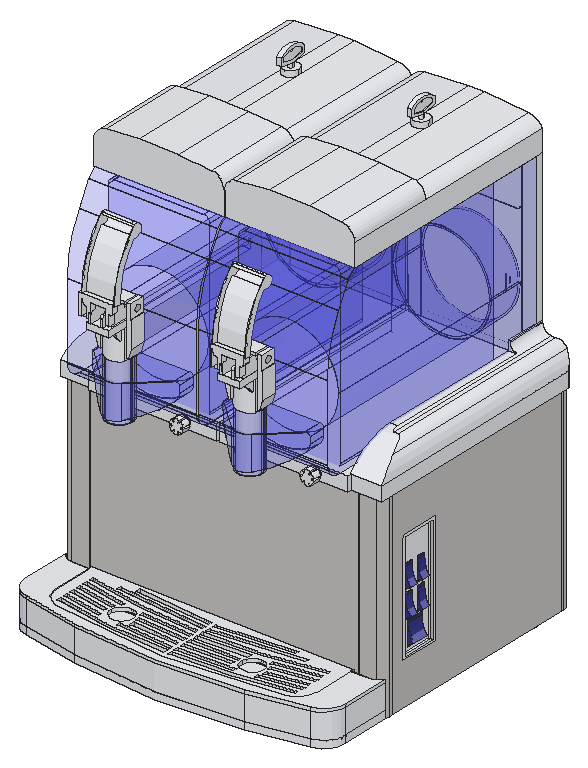
Revit family "QF_ELECTROLUXPROFESSIONAL_560106_SP2NewLUK", category Specialty Equipment, Revit 2018 (continued)
Lines and regions (mm)
  symbolic lines
    curve 11: arc (-117.634, -221.255, 14) -> (0, -230, 14) -> (117.634, -221.255, 14) r 795.559
    curve 12: line (2.783, -161.117, 14) -> (2.783, -167.117, 14)
    curve 13: line (2.783, -172.117, 14) -> (2.783, -178.117, 14)
    curve 14: line (2.783, -183.117, 14) -> (2.783, -189.117, 14)
    curve 15: line (2.783, -194.117, 14) -> (2.783, -200.117, 14)
    curve 16: line (2.783, -205.117, 14) -> (2.783, -211.117, 14)
    curve 17: arc (2.783, -211.117, 14) -> (35.925, -210.286, 14) -> (69, -208.033, 14) r 772.106
    curve 18: arc (164.485, -187.256, 14) -> (137.825, -192.623, 14) -> (110.991, -197.04, 14) r 766.106
    curve 19: arc (2.783, -200.117, 14) -> (35.926, -199.274, 14) -> (69, -196.988, 14) r 761.106
    curve 20: arc (69, -190.963, 14) -> (35.926, -193.267, 14) -> (2.783, -194.117, 14) r 755.106
    curve 21: arc (2.783, -189.117, 14) -> (35.228, -188.295, 14) -> (67.608, -186.069, 14) r 750.106
    curve 22: arc (62.063, -180.53, 14) -> (32.449, -182.414, 14) -> (2.783, -183.117, 14) r 744.106
    curve 23: arc (2.783, -178.117, 14) -> (30.123, -177.508, 14) -> (57.422, -175.888, 14) r 739.106
    curve 24: arc (51.822, -170.288, 14) -> (27.318, -171.613, 14) -> (2.783, -172.117, 14) r 733.106
    curve 25: arc (2.783, -167.117, 14) -> (24.968, -166.694, 14) -> (47.129, -165.595, 14) r 728.106
    curve 26: arc (41.464, -159.931, 14) -> (22.132, -160.783, 14) -> (2.783, -161.117, 14) r 722.106
    curve 27: arc (2.783, -156.117, 14) -> (19.755, -155.85, 14) -> (36.715, -155.182, 14) r 717.106
    curve 28: line (164.485, -193.398, 14) -> (164.485, -187.256, 14)
    curve 29: line (164.485, -182.136, 14) -> (164.485, -175.99, 14)
    curve 30: line (164.485, -170.866, 14) -> (164.485, -164.715, 14)
    curve 31: line (164.485, -159.587, 14) -> (164.485, -153.432, 14)
    curve 32: arc (164.485, -153.432, 14) -> (152.163, -156.157, 14) -> (139.797, -158.67, 14) r 733.106
    curve 33: arc (164.485, -164.715, 14) -> (145.534, -168.752, 14) -> (126.484, -172.294, 14) r 744.106
    curve 34: arc (164.485, -175.99, 14) -> (138.736, -181.268, 14) -> (112.82, -185.647, 14) r 755.106
    curve 35: arc (132.277, -166.189, 14) -> (148.418, -163.067, 14) -> (164.485, -159.587, 14) r 739.106
    curve 36: arc (118.814, -179.653, 14) -> (141.717, -175.613, 14) -> (164.485, -170.866, 14) r 750.106
    curve 37: arc (111, -191.985, 14) -> (137.83, -187.538, 14) -> (164.485, -182.136, 14) r 761.106
    curve 38: arc (69, -202.009, 14) -> (35.925, -204.28, 14) -> (2.783, -205.117, 14) r 766.106
    curve 39: arc (111.004, -203.101, 14) -> (137.83, -198.721, 14) -> (164.485, -193.398, 14) r 772.106
    curve 40: line (97.267, -160.486, 14) -> (97.267, -153, 14)
    curve 41: line (82.733, -160.486, 14) -> (82.733, -153, 14)
    curve 42: arc (105.17, -170.997, 14) -> (90.017, -158.677, 14) -> (74.837, -170.964, 14) r 15.5
    curve 43: line (-7, -121.793, 14) -> (9.534, -121.793, 14)
    curve 44: line (-7, -137.647, 14) -> (9.534, -137.647, 14)
    curve 45: line (2.783, -161.117, 14) -> (2.783, -113, 14)
    curve 46: line (-180.657, -118, 14) -> (-180.657, -174.118, 14)
    curve 47: arc (-180.657, -174.118, 14) -> (-173.912, -193.071, 14) -> (-156.71, -203.501, 14) r 30
    curve 48: line (-2.783, -161.117, 14) -> (-2.783, -167.117, 14)
    curve 49: line (-2.783, -172.117, 14) -> (-2.783, -178.117, 14)
    curve 50: line (-2.783, -183.117, 14) -> (-2.783, -189.117, 14)
    curve 51: line (-2.783, -194.117, 14) -> (-2.783, -200.117, 14)
    curve 52: line (-2.783, -205.117, 14) -> (-2.783, -211.117, 14)
    curve 53: arc (-2.783, -211.117, 14) -> (-35.925, -210.286, 14) -> (-69, -208.033, 14) r 772.106
    curve 54: arc (-164.485, -187.256, 14) -> (-137.825, -192.623, 14) -> (-110.991, -197.04, 14) r 766.106
    curve 55: arc (-2.783, -200.117, 14) -> (-35.926, -199.274, 14) -> (-69, -196.988, 14) r 761.106
    curve 56: arc (-69, -190.963, 14) -> (-35.926, -193.267, 14) -> (-2.783, -194.117, 14) r 755.106
    curve 57: arc (-2.783, -189.117, 14) -> (-35.307, -188.291, 14) -> (-67.764, -186.055, 14) r 750.106
    curve 58: arc (-62.01, -180.534, 14) -> (-32.422, -182.416, 14) -> (-2.783, -183.117, 14) r 744.106
    curve 59: arc (-2.783, -178.117, 14) -> (-30.21, -177.505, 14) -> (-57.595, -175.875, 14) r 739.106
    curve 60: arc (-51.822, -170.288, 14) -> (-27.318, -171.613, 14) -> (-2.783, -172.117, 14) r 733.106
    curve 61: arc (-2.783, -167.117, 14) -> (-24.922, -166.696, 14) -> (-47.037, -165.601, 14) r 728.106
    curve 62: arc (-41.44, -159.932, 14) -> (-22.12, -160.783, 14) -> (-2.783, -161.117, 14) r 722.106
    curve 63: arc (-2.783, -156.117, 14) -> (-19.759, -155.85, 14) -> (-36.723, -155.181, 14) r 717.106
    curve 64: line (-164.485, -193.398, 14) -> (-164.485, -187.256, 14)
    curve 65: line (-164.485, -182.136, 14) -> (-164.485, -175.99, 14)
    curve 66: line (-164.485, -170.866, 14) -> (-164.485, -164.715, 14)
    curve 67: line (-164.485, -159.587, 14) -> (-164.485, -153.432, 14)
    curve 68: arc (-164.485, -153.432, 14) -> (-152.209, -156.147, 14) -> (-139.888, -158.652, 14) r 733.106
    curve 69: arc (-164.485, -164.715, 14) -> (-145.359, -168.786, 14) -> (-126.134, -172.354, 14) r 744.106
    curve 70: arc (-164.485, -175.99, 14) -> (-138.838, -181.249, 14) -> (-113.024, -185.616, 14) r 755.106
    curve 71: arc (-132.258, -166.193, 14) -> (-148.408, -163.069, 14) -> (-164.485, -159.587, 14) r 739.106
    curve 72: arc (-118.936, -179.633, 14) -> (-141.778, -175.602, 14) -> (-164.485, -170.866, 14) r 750.106
    curve 73: arc (-111.098, -191.97, 14) -> (-137.879, -187.529, 14) -> (-164.485, -182.136, 14) r 761.106
    curve 74: arc (-69, -202.009, 14) -> (-35.925, -204.28, 14) -> (-2.783, -205.117, 14) r 766.106
    curve 75: arc (-111.004, -203.101, 14) -> (-137.83, -198.721, 14) -> (-164.485, -193.398, 14) r 772.106
    curve 76: line (-97.267, -160.486, 14) -> (-97.267, -153, 14)
    curve 77: line (-82.733, -160.486, 14) -> (-82.733, -153, 14)
    curve 78: arc (-105.172, -171.007, 14) -> (-90.045, -158.677, 14) -> (-74.846, -170.919, 14) r 15.5
    curve 79: line (-2.783, -161.117, 14) -> (-2.783, -113, 14)
    curve 80: arc (73.294, -216.009, 14) -> (0.004, -219.475, 14) -> (-73.287, -216.01, 14) r 776.665
    curve 81: arc (-111.031, -211.498, 14) -> (-133.93, -207.84, 14) -> (-156.71, -203.501, 14) r 776.665
Dimensions and locks
  plane 4 "FEET" to level = 14 mm
  plane 6 "LEFT" to plane 3 "Center (Left/Right)" to plane 7 "RIGHT" = 223.5 mm, 223.5 mm
  locked: plane 6 "LEFT" to plane 7 "RIGHT" at 447
  plane 7 "RIGHT" to plane 6 "LEFT" = 447 mm
  plane 5 "BACK" to plane 12 "FRONT" = 442 mm
  aligned and locked: level to plane 2 "BASE"
Nested families
  nested 1: "SP2_Vasca_L" at (-89.477, 0, 0), type "SP2_Vasca_L"
  nested 2: "SP2_Vasca_R" at (90.523, 0, 0), type "SP2_Vasca_R"
Connectors
  electrical at (-176.5, -31, 4)
    settings: on Extrusion 9, index 1, voltage 0 V, apparent load 0 VA, apparent load phase1 0 VA, apparent load phase2 0 VA, apparent load phase3 0 VA, power factor 1, load classification "Other", number of poles 1, system type 30, power factor state 1, is connector primary yes, connector utility no, sub classification motor no, connector description "Electrical connection"
  electrical at (-176.5, -31, 4)
    settings: on Extrusion 9, index 2, voltage 0 V, apparent load 0 VA, apparent load phase1 0 VA, apparent load phase2 0 VA, apparent load phase3 0 VA, power factor 1, load classification "Other", number of poles 1, system type 30, power factor state 1, is connector primary no, connector utility no, sub classification motor no, connector description ""
Definition of nested family "SP2_Vasca_L"
  Parameters (values of type "SP2_Vasca_L")
    Weight = 28.00 kg
    Watts = 32.5161 W
    Volts = 230 V
    URL Manufacturer = "http://professional.electrolux.com"
    URL = "http://professional.electrolux.com"
    Steam Supply Size = 0 mm
    Steam Supply Minimum Pressure = 0.0 Pa
    Steam Supply Maximum Pressure = 0.0 Pa
    Steam Pounds per Hour = 0
    Refrigeration Suction Line Size = 0 mm
    Refrigeration Liquid Line Size = 0 mm
    Refrigerant Compressor Remote = yes
    Phase = 1
    Model = "SP1ITNK"
    Manufacturer = "Electrolux"
    Length Actual = 262 mm  # constant formula
    Item Number = "560011"
    Hot Water Size = 0 mm
    Height Actual = 612 mm  # constant formula
    HP = "0.5 HP"
    Gas Size = 0 mm
    Gas KW = 0
    Gas Input Pressure = 0 W
    Description = "1X5 LT BOWL - FROZEN GRANITA AND FROZEN CREAM DISPENSER - 1 INSULATED BOWL - WHITE"
    Depth Actual = 427 mm  # constant formula
    Cycle = 50 Hz
    Condensate Return Size = 0 mm
    Compressed Air Volume = 0.0 L/s
    Compressed Air Size = 0 mm
    Compressed Air Pressure = 0.0 Pa
    Cold Water Size = 0 mm
    Accessory = yes
  Reference planes
    plane 1 "Center (Front/Back)": y = 0
    plane 2 "BASE": z = 0
    plane 3 "Center (Left/Right)": x = 0
    plane 4 "FEET": z = 14
    plane 5 "BACK": y = 212
    plane 6 "LEFT": x = -134.023
    plane 7 "RIGHT": x = 134
    plane 8: y = 169
    plane 9: y = -118.5
    plane 10 "Erogatore": through (0, -232.305, 334.252) normal (0, -0.5736, 0.8192)
    plane 11: y = -81
    plane 12 "BackButton": z = 362.798
    plane 13 "SlopeBack": through (0, 294.5, 470.764) normal (0, 0.9659, 0.2588)
    plane 14 "TOP": z = 640
    plane 15 "FRONT": y = -216
  Forms (mm)
    Extrusion 1, solid
      sketch origin (0, 212, 0) x (-1, 0, 0) y (0, 0, 1)
        loop
          circle (0, 394.542) r 65
        loop
          circle (0, 394.542) r 68
      from -59.276 to -10
    Extrusion 2, solid
      sketch origin (0.189, -212, -123.048) x (-1, 0, 0) y (0, 0, 1)
        loop
          line (41.631, 426.74) -> (42.799, 423.85)
          arc (42.799, 423.85) -> (41.998, 423.46) -> (41.26, 422.962) r 6.382
          line (41.26, 422.962) -> (39.342, 425.418)
          arc (39.342, 425.418) -> (36.964, 422.682) -> (35.784, 419.255) r 9.498
          line (35.784, 419.255) -> (38.87, 418.821)
          arc (38.87, 418.821) -> (38.808, 417.933) -> (38.87, 417.045) r 6.382
          line (38.87, 417.045) -> (35.784, 416.611)
          arc (35.784, 416.611) -> (36.964, 413.184) -> (39.342, 410.449) r 9.498
          line (39.342, 410.449) -> (41.26, 412.904)
          arc (41.26, 412.904) -> (41.998, 412.406) -> (42.799, 412.016) r 6.382
          line (42.799, 412.016) -> (41.631, 409.127)
          arc (41.631, 409.127) -> (45.189, 408.435) -> (48.747, 409.127) r 9.498
          line (48.747, 409.127) -> (47.58, 412.016)
          arc (47.58, 412.016) -> (48.38, 412.406) -> (49.118, 412.904) r 6.382
          line (49.118, 412.904) -> (51.037, 410.449)
          arc (51.037, 410.449) -> (53.415, 413.184) -> (54.595, 416.611) r 9.498
          line (54.595, 416.611) -> (51.509, 417.045)
          arc (51.509, 417.045) -> (51.571, 417.933) -> (51.509, 418.821) r 6.382
          line (51.509, 418.821) -> (54.595, 419.255)
          arc (54.595, 419.255) -> (53.415, 422.682) -> (51.037, 425.418) r 9.498
          line (51.037, 425.418) -> (49.118, 422.962)
          arc (49.118, 422.962) -> (48.38, 423.46) -> (47.58, 423.85) r 6.382
          line (47.58, 423.85) -> (48.747, 426.74)
          arc (48.747, 426.74) -> (45.189, 427.431) -> (41.631, 426.74) r 9.498
      from 74.796 to 85.6
    Extrusion 3, solid
      sketch origin (0, 48.357, 801) x (-1, 0, 0) y (0, -1, 0)
        loop
          circle (0, 226.958) r 15.5
      from -371.98 to -493
    Extrusion 4, solid
      sketch origin (0, 48.357, 801) x (-1, 0, 0) y (0, -1, 0)
        loop
          circle (0, 226.958) r 18
        loop
          circle (0, 226.958) r 16
      from -413.102 to -493
    Extrusion 5, solid
      sketch origin (0, 48.357, 801) x (-1, 0, 0) y (0, -1, 0)
        loop
          arc (-15.227, 216.452) -> (0, 208.458) -> (15.227, 216.452) r 18.5
          line (15.227, 216.452) -> (15.227, 237.464)
          arc (15.227, 237.464) -> (0, 245.458) -> (-15.227, 237.464) r 18.5
          line (-15.227, 237.464) -> (-15.227, 216.452)
      from -371.98 to -413.102
    Extrusion 6, solid
      sketch origin (0, 55.382, 805.556) x (-1, 0, 0) y (0, -1, 0)
        loop
          line (15.227, 271.382) -> (-15.227, 271.382) -> (-15.227, 213.658) -> (15.227, 213.658) -> (15.227, 271.382)
      from -368.017 to -376.536
    Extrusion 7, solid
      sketch origin (0, 53.382, -125.444) x (0, 1, 0) y (0, 0, 1)
        loop
          line (-261.382, 594.51) -> (-261.382, 596.294)
          arc (-261.382, 596.294) -> (-255.05, 633.384) -> (-236.771, 666.272) r 111.793
          arc (-236.771, 666.272) -> (-224.219, 671.737) -> (-234.339, 680.956) r 8.155
          arc (-234.339, 680.956) -> (-260.275, 642.108) -> (-269.382, 596.294) r 119.793
          line (-269.382, 596.294) -> (-269.382, 594.51) -> (-261.382, 594.51)
      from 23.02 to -23.02
    Extrusion 8, void
      sketch origin (0, -212, -130.102) x (-1, 0, 0) y (0, 0, 1)
        loop
          line (-23.02, 594.51) -> (-23.02, 567.641) -> (-15.227, 567.641) -> (-15.227, 586.659)
          arc (-15.227, 586.659) -> (-20.449, 589.269) -> (-23.02, 594.51) r 9.122
        loop
          arc (23.02, 594.51) -> (20.449, 589.269) -> (15.227, 586.659) r 9.122
          line (15.227, 586.659) -> (15.227, 567.641) -> (23.02, 567.641) -> (23.02, 594.51)
        loop
          line (-10.018, 592.641) -> (-10.018, 567.641) -> (9.982, 567.641) -> (9.982, 592.641) -> (-10.018, 592.641)
      from 4 to -4
    Extrusion 9, void
      sketch origin (0, 53.382, -125.444) x (0, 1, 0) y (0, 0, 1)
        loop
          arc (-238.506, 676.569) -> (-261.397, 639.298) -> (-269.382, 596.294) r 119.793
          line (-269.382, 596.294) -> (-262.382, 596.294)
          arc (-262.382, 596.294) -> (-255.831, 634.173) -> (-236.94, 667.653) r 112.793
          arc (-236.94, 667.653) -> (-225.218, 674.307) -> (-238.506, 676.569) r 7.155
      from 22 to -22
    Extrusion 10, solid
      sketch origin (-134.023, 53.382, -125.444) x (0, 1, 0) y (0, 0, 1)
        loop
          line (-261.382, 596.294) -> (-269.382, 596.294) -> (-269.382, 567.641) -> (-261.382, 567.641) -> (-261.382, 596.294)
      from 154.02 to 107.98
    Extrusion 11, solid
      sketch origin (-134.023, 55.382, -130.102) x (0, 1, 0) y (0, 0, 1)
        loop
          line (-263.382, 567.641) -> (-223.382, 567.641) -> (-223.382, 587.641) -> (-256.513, 587.641)
          arc (-256.513, 587.641) -> (-261.37, 589.653) -> (-263.382, 594.51) r 6.869
          line (-263.382, 594.51) -> (-263.382, 567.641)
      from 115.773 to 107.98
    Extrusion 12, solid
      sketch origin (-134.023, 55.382, -130.102) x (0, 1, 0) y (0, 0, 1)
        loop
          line (-263.382, 567.641) -> (-224.483, 567.641) -> (-224.483, 587.641) -> (-256.513, 587.641)
          arc (-256.513, 587.641) -> (-261.37, 589.653) -> (-263.382, 594.51) r 6.869
          line (-263.382, 594.51) -> (-263.382, 567.641)
      from 115.773 to 121.018
    Extrusion 13, solid
      sketch origin (-134.023, 55.382, -125.444) x (0, 1, 0) y (0, 0, 1)
        loop
          line (-248.575, 539.464) -> (-246.902, 539.464) -> (-246.902, 554.464) -> (-261.615, 554.464) -> (-248.575, 539.464)
      from 115.773 to 118.85
    Extrusion 14, solid
      sketch origin (-134.023, 55.382, -125.444) x (0, 1, 0) y (0, 0, 1)
        loop
          line (-246.902, 554.464) -> (-261.615, 554.464) -> (-248.575, 539.464) -> (-246.902, 539.464) -> (-246.902, 554.464)
      from 143.221 to 146.227
    Extrusion 15, solid
      sketch origin (-134.023, 55.382, -125.444) x (0, 1, 0) y (0, 0, 1)
        loop
          line (-263.382, 562.983) -> (-224.483, 562.983) -> (-224.483, 582.983) -> (-256.513, 582.983)
          arc (-256.513, 582.983) -> (-261.37, 584.995) -> (-263.382, 589.852) r 6.869
          line (-263.382, 589.852) -> (-263.382, 562.983)
      from 141.018 to 146.227
    Extrusion 16, solid
      sketch origin (-134.023, 53.382, -130.102) x (0, 1, 0) y (0, 0, 1)
        loop
          line (-269.382, 567.641) -> (-221.382, 567.641) -> (-221.382, 586.659) -> (-258.382, 586.659)
          arc (-258.382, 586.659) -> (-260.503, 585.78) -> (-261.382, 583.659) r 3
          line (-261.382, 583.659) -> (-261.382, 582.15) -> (-266.382, 582.15)
          arc (-266.382, 582.15) -> (-268.503, 581.271) -> (-269.382, 579.15) r 3
          line (-269.382, 579.15) -> (-269.382, 567.641)
      from 124.546 to 121.018
    Extrusion 17, solid
      sketch origin (-134.023, 65.803, -125.444) x (0, 1, 0) y (0, 0, 1)
        loop
          line (-281.803, 562.983) -> (-234.904, 562.983) -> (-234.904, 582.001) -> (-270.803, 582.001)
          arc (-270.803, 582.001) -> (-272.924, 581.122) -> (-273.803, 579.001) r 3
          line (-273.803, 579.001) -> (-273.803, 577.492) -> (-278.803, 577.492)
          arc (-278.803, 577.492) -> (-280.924, 576.613) -> (-281.803, 574.492) r 3
          line (-281.803, 574.492) -> (-281.803, 562.983)
      from 137.49 to 141.018
    Extrusion 18, solid
      sketch origin (0, -212, -125.444) x (-1, 0, 0) y (0, 0, 1)
        loop
          line (-18, 517.898) -> (-18, 586.659) -> (-23.482, 586.659) -> (-23.482, 567.641) -> (-24.969, 567.641) -> (-24.969, 530.88) -> (-21, 517.898) -> (-18, 517.898)
        loop
          line (18, 517.898) -> (21, 517.898) -> (24.969, 530.88) -> (24.969, 567.641) -> (23.482, 567.641) -> (23.482, 586.659) -> (18, 586.659) -> (18, 517.898)
      from 43.905 to 22.893
    Extrusion 19, solid
      sketch origin (0, 65.803, 805.556) x (-1, 0, 0) y (0, -1, 0)
        loop
          line (-15.227, 254.91) -> (-15.227, 233.898) -> (15.227, 233.898) -> (15.227, 254.91) -> (-15.227, 254.91)
      from -344.341 to -348.017
    Extrusion 20, void
      sketch origin (0, 56.778, -130) x (0, 1, 0) y (0, 0, 1)
        loop
          circle (-234.353, 582.005) r 3.978
      from 24.969 to -24.969
    Extrusion 21, solid
      sketch origin (0, 56.226, -130) x (0, 1, 0) y (0, 0, 1)
        loop
          circle (-234.353, 582.005) r 3.978
      from 24 to -24
    Extrusion 22, void
      sketch origin (-27, 240.916, -119) x (0, 0, 1) y (-1, 0, 0)
        loop
          line (496.312, -81.169) -> (519.521, -81.169)
          arc (519.521, -81.169) -> (523.021, -77.669) -> (519.521, -74.169) r 3.5
          line (519.521, -74.169) -> (496.312, -74.169)
          arc (496.312, -74.169) -> (492.812, -77.669) -> (496.312, -81.169) r 3.5
      from 28.916 to 38.079
    Extrusion 23, solid
      sketch origin (-27, 240.916, -119) x (0, 0, 1) y (-1, 0, 0)
        loop
          line (507.945, -79.669) -> (517.521, -79.669) -> (517.521, -75.669) -> (507.945, -75.669) -> (507.945, -79.669)
      from 32.664 to 38.079
    Extrusion 24, void
      sketch origin (0, 0, 0) x (0, 1, 0) y (0, 0, 1)
        loop
          line (157, 351) -> (-115.977, 351) -> (-115.977, 306)
          arc (-115.977, 306) -> (-85.566, 329.6) -> (-48, 338) r 88.201
          line (-48, 338) -> (157, 338) -> (157, 351)
      from -135 to 135
    Extrusion 25, solid
      sketch origin (0, 212, 0) x (-1, 0, 0) y (0, 0, 1)
        loop
          circle (0, 394.542) r 68
        loop
          line (69.972, 309) -> (69.972, 543)
          arc (69.972, 543) -> (67.629, 548.657) -> (61.972, 551) r 8
          line (61.972, 551) -> (-62.028, 551)
          arc (-62.028, 551) -> (-67.685, 548.657) -> (-70.028, 543) r 8
          line (-70.028, 543) -> (-70.028, 308.956)
          arc (-70.028, 308.956) -> (-67.698, 303.33) -> (-62.072, 301) r 7.956
          line (-62.072, 301) -> (61.972, 301)
          arc (61.972, 301) -> (67.629, 303.343) -> (69.972, 309) r 8
      from -59.276 to -322.829
    Extrusion 26, solid
      sketch origin (0, 212, 0) x (-1, 0, 0) y (0, 0, 1)
        loop
          line (90.028, 558.048) -> (90.028, 589.456)
          arc (90.028, 589.456) -> (84.981, 602.738) -> (72.387, 609.316) r 20
          arc (72.387, 609.316) -> (49.793, 611.577) -> (27.131, 613) r 613.713
          line (27.131, 613) -> (-27.131, 613)
          arc (-27.131, 613) -> (-49.793, 611.577) -> (-72.387, 609.316) r 613.713
          arc (-72.387, 609.316) -> (-84.981, 602.738) -> (-90.028, 589.456) r 20
          line (-90.028, 589.456) -> (-90.028, 558.048) -> (90.028, 558.048)
      from 0 to -322.829
    Extrusion 27, solid
      sketch origin (0, -212, 0) x (-1, 0, 0) y (0, 0, 1)
        loop
          line (88, 306) -> (-88, 306) -> (-88, 286) -> (88, 286) -> (88, 306)
      from 90.501 to 414
    Extrusion 28, solid
      sketch origin (-0.189, -212, -123.048) x (1, 0, 0) y (0, 0, -1)
        loop
          arc (41.631, -426.74) -> (45.189, -427.431) -> (48.747, -426.74) r 9.498
          line (48.747, -426.74) -> (47.58, -423.85)
          arc (47.58, -423.85) -> (48.38, -423.46) -> (49.118, -422.962) r 6.382
          line (49.118, -422.962) -> (51.037, -425.418)
          arc (51.037, -425.418) -> (53.415, -422.682) -> (54.595, -419.255) r 9.498
          line (54.595, -419.255) -> (51.509, -418.821)
          arc (51.509, -418.821) -> (51.571, -417.933) -> (51.509, -417.045) r 6.382
          line (51.509, -417.045) -> (54.595, -416.611)
          arc (54.595, -416.611) -> (53.415, -413.184) -> (51.037, -410.449) r 9.498
          line (51.037, -410.449) -> (49.118, -412.904)
          arc (49.118, -412.904) -> (48.38, -412.406) -> (47.58, -412.016) r 6.382
          line (47.58, -412.016) -> (48.747, -409.127)
          arc (48.747, -409.127) -> (45.189, -408.435) -> (41.631, -409.127) r 9.498
          line (41.631, -409.127) -> (42.799, -412.016)
          arc (42.799, -412.016) -> (41.998, -412.406) -> (41.26, -412.904) r 6.382
          line (41.26, -412.904) -> (39.342, -410.449)
          arc (39.342, -410.449) -> (36.964, -413.184) -> (35.784, -416.611) r 9.498
          line (35.784, -416.611) -> (38.87, -417.045)
          arc (38.87, -417.045) -> (38.808, -417.933) -> (38.87, -418.821) r 6.382
          line (38.87, -418.821) -> (35.784, -419.255)
          arc (35.784, -419.255) -> (36.964, -422.682) -> (39.342, -425.418) r 9.498
          line (39.342, -425.418) -> (41.26, -422.962)
          arc (41.26, -422.962) -> (41.998, -423.46) -> (42.799, -423.85) r 6.382
          line (42.799, -423.85) -> (41.631, -426.74)
      from 74.796 to 85.6
    Extrusion 29, solid
      sketch origin (-134.023, 55.382, -125.444) x (0, 1, 0) y (0, 0, 1)
        loop
          line (-261.615, 554.464) -> (-248.575, 539.464) -> (-246.902, 539.464) -> (-246.902, 554.464) -> (-261.615, 554.464)
      from 143.221 to 146.227
    Extrusion 30, void
      sketch origin (0, 0, 14) x (-1, 0, 0) y (0, -1, 0)
        loop
          line (68.799, 141.983) -> (68.799, 216) -> (-68.799, 216) -> (-68.799, 141.983) -> (-14.053, 193.527)
          arc (-14.053, 193.527) -> (0, 199.101) -> (14.053, 193.527) r 20.5
          line (14.053, 193.527) -> (68.799, 141.983)
      from 285.914 to 353.792
    Extrusion 31, solid
      sketch origin (0, -212, 0) x (-1, 0, 0) y (0, 0, 1)
        loop
          line (55, 361.368) -> (-55, 361.368)
          arc (-55, 361.368) -> (-58.536, 359.903) -> (-60, 356.368) r 5
          line (-60, 356.368) -> (-60, 346.588)
          arc (-60, 346.588) -> (-58.765, 340.628) -> (-55.264, 335.649) r 15
          arc (-55.264, 335.649) -> (0, 313.78) -> (55.264, 335.649) r 80.762
          arc (55.264, 335.649) -> (58.765, 340.628) -> (60, 346.588) r 15
          line (60, 346.588) -> (60, 356.368)
          arc (60, 356.368) -> (58.536, 359.903) -> (55, 361.368) r 5
      from 85.6 to 6.421
    Extrusion 32, solid
      sketch origin (0.031, 16.704, -263) x (0, 1, 0) y (0, 0, 1)
        loop
          line (99.092, 881.377) -> (118.655, 885.535) -> (118.655, 895.535)
          arc (118.655, 895.535) -> (99.092, 903) -> (79.529, 895.535) r 29.367
          line (79.529, 895.535) -> (79.529, 885.535) -> (99.092, 881.377)
        loop
          arc (115.655, 894.149) -> (99.092, 900) -> (82.529, 894.149) r 26.367
          line (82.529, 894.149) -> (82.529, 887.965) -> (99.092, 884.444) -> (115.655, 887.965) -> (115.655, 894.149)
      from -3 to 3
    Extrusion 33, solid
      sketch origin (0.031, 16.704, -263) x (0, 1, 0) y (0, 0, 1)
        loop
          line (115.655, 887.965) -> (115.655, 894.149)
          arc (115.655, 894.149) -> (99.092, 900) -> (82.529, 894.149) r 26.367
          line (82.529, 894.149) -> (82.529, 887.965) -> (99.092, 884.444) -> (115.655, 887.965)
        loop
          circle (99.092, 896.274) r 2.509
      from 1 to -1
    Extrusion 34, solid
      sketch origin (0.031, 16.704, 667) x (-1, 0, 0) y (0, -1, 0)
        loop
          circle (0, -99.092) r 3
      from -45.737 to -54
    Extrusion 35, solid
      sketch origin (0, -70, 0) x (1, 0, 0) y (0, 1, 0)
        loop
          circle (0.031, 185.796) r 11
      from 606 to 613
    Extrusion 36, solid
      sketch origin (0, 0, 0) x (0, 1, 0) y (0, 0, 1)
        loop
          arc (-158.276, 334.912) -> (-152.418, 320.769) -> (-138.276, 314.912) r 20
          line (-138.276, 314.912) -> (202, 314.912) -> (202, 558.048) -> (-103.948, 558.048)
          arc (-103.948, 558.048) -> (-114.098, 555.281) -> (-121.44, 547.744) r 20
          line (-121.44, 547.744) -> (-138.215, 517.481)
          arc (-138.215, 517.481) -> (-153.18, 479.972) -> (-158.276, 439.912) r 160
          line (-158.276, 439.912) -> (-158.276, 334.912)
      from -88 to 90.028
    Extrusion 37, void
      sketch origin (0, 212, 0) x (-1, 0, 0) y (0, 0, 1)
        loop
          line (90.028, 588.856) -> (96.254, 588.856) -> (96.254, 613.856) -> (-100.028, 613.856) -> (-100.028, 588.856) -> (-90.028, 588.856)
          arc (-90.028, 588.856) -> (-82.37, 597.635) -> (-71.481, 601.774) r 24
          arc (-71.481, 601.774) -> (-41.299, 604.942) -> (-10.969, 606) r 435.39
          line (-10.969, 606) -> (10.969, 606)
          arc (10.969, 606) -> (41.299, 604.942) -> (71.481, 601.774) r 435.39
          arc (71.481, 601.774) -> (82.37, 597.635) -> (90.028, 588.856) r 24
      from 0 to -201.493
    Extrusion 38, solid
      sketch origin (0, 212, 0) x (-1, 0, 0) y (0, 0, 1)
        loop
          line (-90.028, 558.048) -> (-90.028, 286) -> (88, 286) -> (88, 558.048) -> (-90.028, 558.048)
        loop
          arc (61.972, 301) -> (67.629, 303.343) -> (69.972, 309) r 8
          line (69.972, 309) -> (69.972, 543)
          arc (69.972, 543) -> (67.629, 548.657) -> (61.972, 551) r 8
          line (61.972, 551) -> (-62.028, 551)
          arc (-62.028, 551) -> (-67.685, 548.657) -> (-70.028, 543) r 8
          line (-70.028, 543) -> (-70.028, 308.956)
          arc (-70.028, 308.956) -> (-67.698, 303.33) -> (-62.072, 301) r 7.956
          line (-62.072, 301) -> (61.972, 301)
      from 0 to -10
    Extrusion 39, solid
      sketch origin (0, 212, 0) x (-1, 0, 0) y (0, 0, 1)
        loop
          arc (-70.028, 308.956) -> (-67.698, 303.33) -> (-62.072, 301) r 7.956
          line (-62.072, 301) -> (61.972, 301)
          arc (61.972, 301) -> (67.629, 303.343) -> (69.972, 309) r 8
          line (69.972, 309) -> (69.972, 493.849)
          arc (69.972, 493.849) -> (67.629, 488.193) -> (61.972, 485.849) r 8
          line (61.972, 485.849) -> (-62.028, 485.849)
          arc (-62.028, 485.849) -> (-67.685, 488.193) -> (-70.028, 493.849) r 8
          line (-70.028, 493.849) -> (-70.028, 308.956)
      from 0 to -10
    Extrusion 40, solid
      sketch origin (0, 212, 0) x (-1, 0, 0) y (0, 0, 1)
        loop
          line (-70.028, 543) -> (-70.028, 493.849)
          arc (-70.028, 493.849) -> (-67.685, 488.193) -> (-62.028, 485.849) r 8
          line (-62.028, 485.849) -> (61.972, 485.849)
          arc (61.972, 485.849) -> (67.629, 488.193) -> (69.972, 493.849) r 8
          line (69.972, 493.849) -> (69.972, 543)
          arc (69.972, 543) -> (67.629, 548.657) -> (61.972, 551) r 8
          line (61.972, 551) -> (-62.028, 551)
          arc (-62.028, 551) -> (-67.685, 548.657) -> (-70.028, 543) r 8
      from 0 to -10
    Extrusion 41, void
      sketch origin (0, 212, 0) x (-1, 0, 0) y (0, 0, 1)
        loop
          arc (-74.482, 439.575) -> (-77.31, 438.403) -> (-78.482, 435.575) r 4
          line (-78.482, 435.575) -> (-78.482, 426.169)
          arc (-78.482, 426.169) -> (-77.31, 423.34) -> (-74.482, 422.169) r 4
          line (-74.482, 422.169) -> (-42.482, 422.169)
          arc (-42.482, 422.169) -> (-39.653, 423.34) -> (-38.482, 426.169) r 4
          line (-38.482, 426.169) -> (-38.482, 435.575)
          arc (-38.482, 435.575) -> (-39.653, 438.403) -> (-42.482, 439.575) r 4
          line (-42.482, 439.575) -> (-74.482, 439.575)
      from 0 to -2
    Extrusion 42, solid
      sketch origin (0, 212, 0) x (-1, 0, 0) y (0, 0, 1)
        loop
          arc (-74.482, 438.575) -> (-76.603, 437.696) -> (-77.482, 435.575) r 3
          line (-77.482, 435.575) -> (-77.482, 426.169)
          arc (-77.482, 426.169) -> (-76.603, 424.047) -> (-74.482, 423.169) r 3
          line (-74.482, 423.169) -> (-42.482, 423.169)
          arc (-42.482, 423.169) -> (-40.36, 424.047) -> (-39.482, 426.169) r 3
          line (-39.482, 426.169) -> (-39.482, 435.575)
          arc (-39.482, 435.575) -> (-40.36, 437.696) -> (-42.482, 438.575) r 3
          line (-42.482, 438.575) -> (-74.482, 438.575)
      from 0 to -2
    Extrusion 43, void
      sketch origin (0, 212, 0) x (-1, 0, 0) y (0, 0, 1)
        loop
          line (88, 350.533) -> (86, 350.533) -> (86, 286) -> (88, 286) -> (88, 350.533)
      from 0 to -10
    Extrusion 44, solid
      sketch origin (0.189, -212, -123.048) x (-1, 0, 0) y (0, 0, 1)
        loop
          circle (45.189, 417.933) r 6.382
      from 90.501 to 85.6
    Extrusion 45, solid
      sketch origin (-0.189, -212, -123.048) x (1, 0, 0) y (0, 0, -1)
        loop
          circle (45.189, -417.933) r 6.382
      from 85.6 to 90.501
    Extrusion 46, solid
      sketch origin (0, 212, 0) x (1, 0, 0) y (0, 0, -1)
        loop
          line (-88, -286) -> (-131, -286) -> (-131, -306)
          arc (-131, -306) -> (-129.118, -317.88) -> (-123.658, -328.597) r 38.445
          arc (-123.658, -328.597) -> (-117.695, -334.961) -> (-109.296, -337.309) r 16.194
          line (-109.296, -337.309) -> (-102.317, -337.309)
          arc (-102.317, -337.309) -> (-93.627, -340.909) -> (-90.028, -349.598) r 12.289
          line (-90.028, -349.598) -> (-90.028, -351) -> (-88, -351) -> (-88, -286)
      from 0 to -327.977
    Extrusion 47, void
      sketch origin (89.477, 0, 0) x (-1, 0, 0) y (0, -1, 0)
        loop
          line (210.523, -212) -> (223.5, -212) -> (223.5, -199.023)
          arc (223.5, -199.023) -> (219.699, -208.199) -> (210.523, -212) r 12.977
      from 338 to 286
  Cuts and joins
    Extrusion 8 cuts Extrusion 6
    Extrusion 8, Extrusion 9 cuts Extrusion 7
    Extrusion 8 cuts Extrusion 10
    joined: Extrusion 7, Extrusion 10, Extrusion 11
    joined: Extrusion 5, Extrusion 14
    Extrusion 20 cuts Extrusion 12
    Extrusion 20 cuts Extrusion 15
    Extrusion 20 cuts Extrusion 16
    Extrusion 20 cuts Extrusion 17
    Extrusion 20 cuts Extrusion 18
    Extrusion 22 cuts Extrusion 25
    Extrusion 30 cuts Extrusion 31
    Extrusion 22, Extrusion 41, Extrusion 43 cuts Extrusion 38
    Extrusion 22, Extrusion 41 cuts Extrusion 39
    Extrusion 37 cuts Extrusion 26
    Extrusion 24, Extrusion 47 cuts Extrusion 46
  Lines and regions (mm)
    symbolic lines
      curve 1: line (89.477, 212, 14) -> (89.477, 30.512, 14)
      curve 2: arc (89.477, 30.512, 14) -> (83.619, 16.37, 14) -> (69.477, 10.512, 14) r 20
      curve 3: arc (-90.523, 30.512, 14) -> (-84.665, 16.37, 14) -> (-70.523, 10.512, 14) r 20
      curve 4: line (-90.523, 30.512, 14) -> (-90.523, -113, 14)
      curve 5: line (2.977, 135.359, 14) -> (-3.023, 135.359, 14)
      curve 6: line (2.977, 96.233, 14) -> (2.977, 135.359, 14)
      curve 7: line (-3.023, 96.233, 14) -> (2.977, 96.233, 14)
      curve 8: line (-3.023, 135.359, 14) -> (-3.023, 96.233, 14)
      curve 9: arc (2.977, 105.213, 14) -> (10.977, 115.796, 14) -> (2.977, 126.379, 14) r 11
      curve 10: arc (-3.023, 126.379, 14) -> (-11.023, 115.796, 14) -> (-3.023, 105.213, 14) r 11
      curve 11: arc (89.477, -93, 14) -> (82.183, -87.573, 14) -> (73.338, -85.474, 14) r 22.513
      curve 12: arc (-90.523, -93, 14) -> (-83.229, -87.573, 14) -> (-74.384, -85.474, 14) r 22.513
      curve 13: arc (73.338, -85.474, 14) -> (-0.523, -83, 14) -> (-74.384, -85.474, 14) r 1103.745
      curve 14: line (-0.523, -113, 14) -> (-0.523, -171, 14)
      curve 15: line (82.477, -113, 14) -> (82.477, -153, 14)
      curve 16: line (-80.989, -113, 14) -> (-80.989, -153, 14)
      curve 17: line (-80.989, -153, 14) -> (82.477, -153, 14)
      curve 18: line (-50.989, -153, 14) -> (-21.523, -182.466, 14)
      curve 19: line (20.477, -216, 14) -> (-21.523, -216, 14)
      curve 20: line (-21.523, -216, 14) -> (-21.523, -171, 14)
      curve 21: line (-21.523, -171, 14) -> (20.477, -171, 14)
      curve 22: line (-16.523, -216, 14) -> (-16.523, -181, 14)
      curve 23: line (-16.523, -181, 14) -> (14.477, -181, 14)
      curve 24: line (14.477, -196, 14) -> (-16.523, -196, 14)
      curve 25: line (-55.989, -153, 14) -> (-21.523, -187.466, 14)
      curve 26: line (49.943, -153, 14) -> (20.477, -182.466, 14)
      curve 27: line (54.943, -153, 14) -> (20.477, -187.466, 14)
      curve 28: line (20.477, -216, 14) -> (20.477, -171, 14)
      curve 29: line (14.477, -216, 14) -> (14.477, -181, 14)
      curve 30: line (-121.046, 212, 14) -> (89.477, 212, 14)
      curve 31: line (-90.523, 212, 14) -> (-90.523, 30.512, 14)
      curve 32: line (-90.523, -113, 14) -> (89.477, -113, 14)
      curve 33: line (89.477, -113, 14) -> (89.477, 30.512, 14)
      curve 34: line (-70.523, 10.512, 0) -> (69.477, 10.512, 0)
      curve 35: arc (-114.023, -118, 14) -> (-128.165, -112.142, 14) -> (-134.023, -98, 14) r 20
      curve 36: line (-112.023, 212, 14) -> (-112.023, -50, 14)
      curve 37: line (-112.023, -50, 14) -> (-129.023, -50, 14)
      curve 38: line (-129.023, -50, 14) -> (-129.023, 209.259, 14)
      curve 39: arc (-121.046, 212, 14) -> (-130.222, 208.199, 14) -> (-134.023, 199.023, 14) r 12.977
      curve 40: line (-112.023, -50, 14) -> (-112.023, -67.775, 14)
      curve 41: arc (-112.023, -67.775, 14) -> (-113.99, -92.763, 14) -> (-119.841, -117.135, 14) r 159.732
      curve 42: line (-129.023, -50, 14) -> (-134.023, -85.577, 14)
      curve 43: line (-90.523, 157, 14) -> (-105.523, 157, 14)
      curve 44: line (-105.523, 157, 14) -> (-105.523, -88, 14)
      curve 45: arc (-105.523, -88, 14) -> (-104.059, -99.123, 14) -> (-99.765, -109.488, 14) r 42.977
      curve 46: line (-99.765, -109.488, 14) -> (-90.523, -109.488, 14)
      curve 47: line (-134.023, 199.023, 14) -> (-134.023, -98, 14)
      curve 48: line (-80.989, -118, 14) -> (-114.023, -118, 14)
  Dimensions and locks
    plane 4 "FEET" to level = 14 mm
    plane 6 "LEFT" to plane 3 "Center (Left/Right)" to plane 7 "RIGHT" = 134.023 mm, 134 mm
    plane 5 "BACK" to plane 1 "Center (Front/Back)" = 212 mm
    plane 6 "LEFT" to plane 7 "RIGHT" = 268.023 mm
    plane 5 "BACK" to plane 8 = 43 mm
    plane 8 to plane 11 = 250 mm
    plane 14 "TOP" to level = 640 mm
    plane 15 "FRONT" to plane 5 "BACK" = 428 mm
    plane 5 "BACK" to plane 15 "FRONT" = 428 mm
    Extrusion 35 to level = 613 mm
    Extrusion 35 to level = 606 mm
    aligned and locked: level to plane 2 "BASE"
Definition of nested family "SP2_Vasca_R"
  Parameters (values of type "SP2_Vasca_R")
    Weight = 28.00 kg
    Watts = 32.5161 W
    Volts = 230 V
    URL Manufacturer = "http://professional.electrolux.com"
    URL = "http://professional.electrolux.com"
    Steam Supply Size = 0 mm
    Steam Supply Minimum Pressure = 0.0 Pa
    Steam Supply Maximum Pressure = 0.0 Pa
    Steam Pounds per Hour = 0
    Refrigeration Suction Line Size = 0 mm
    Refrigeration Liquid Line Size = 0 mm
    Refrigerant Compressor Remote = yes
    Phase = 1
    Model = "SP1ITNK"
    Manufacturer = "Electrolux"
    Length Actual = 262 mm  # constant formula
    Item Number = "560011"
    Hot Water Size = 0 mm
    Height Actual = 612 mm  # constant formula
    HP = "0.5 HP"
    Gas Size = 0 mm
    Gas KW = 0
    Gas Input Pressure = 0 W
    Description = "1X5 LT BOWL - FROZEN GRANITA AND FROZEN CREAM DISPENSER - 1 INSULATED BOWL - WHITE"
    Depth Actual = 427 mm  # constant formula
    Cycle = 50 Hz
    Condensate Return Size = 0 mm
    Compressed Air Volume = 0.0 L/s
    Compressed Air Size = 0 mm
    Compressed Air Pressure = 0.0 Pa
    Cold Water Size = 0 mm
    Accessory = yes
  Reference planes
    plane 1 "Center (Front/Back)": y = 0
    plane 2 "BASE": z = 0
    plane 3 "Center (Left/Right)": x = 0
    plane 4 "FEET": z = 14
    plane 5 "BACK": y = 212
    plane 6 "LEFT": x = -133
    plane 7 "RIGHT": x = 133
    plane 8: y = 169
    plane 9: y = -118.5
    plane 10 "Erogatore": through (0, -232.305, 334.252) normal (0, -0.5736, 0.8192)
    plane 11: y = -81
    plane 12 "BackButton": z = 362.798
    plane 13 "SlopeBack": through (0, 294.5, 470.764) normal (0, 0.9659, 0.2588)
    plane 14 "TOP": z = 640
    plane 15 "FRONT": y = -216
  Forms (mm)
    Extrusion 1, solid
      sketch origin (0, 212, 0) x (-1, 0, 0) y (0, 0, 1)
        loop
          circle (0, 394.542) r 65
        loop
          circle (0, 394.542) r 68
      from -59.276 to -10
    Extrusion 2, solid
      sketch origin (0.189, -212, -123.048) x (-1, 0, 0) y (0, 0, 1)
        loop
          line (41.631, 426.74) -> (42.799, 423.85)
          arc (42.799, 423.85) -> (41.998, 423.46) -> (41.26, 422.962) r 6.382
          line (41.26, 422.962) -> (39.342, 425.418)
          arc (39.342, 425.418) -> (36.964, 422.682) -> (35.784, 419.255) r 9.498
          line (35.784, 419.255) -> (38.87, 418.821)
          arc (38.87, 418.821) -> (38.808, 417.933) -> (38.87, 417.045) r 6.382
          line (38.87, 417.045) -> (35.784, 416.611)
          arc (35.784, 416.611) -> (36.964, 413.184) -> (39.342, 410.449) r 9.498
          line (39.342, 410.449) -> (41.26, 412.904)
          arc (41.26, 412.904) -> (41.998, 412.406) -> (42.799, 412.016) r 6.382
          line (42.799, 412.016) -> (41.631, 409.127)
          arc (41.631, 409.127) -> (45.189, 408.435) -> (48.747, 409.127) r 9.498
          line (48.747, 409.127) -> (47.58, 412.016)
          arc (47.58, 412.016) -> (48.38, 412.406) -> (49.118, 412.904) r 6.382
          line (49.118, 412.904) -> (51.037, 410.449)
          arc (51.037, 410.449) -> (53.415, 413.184) -> (54.595, 416.611) r 9.498
          line (54.595, 416.611) -> (51.509, 417.045)
          arc (51.509, 417.045) -> (51.571, 417.933) -> (51.509, 418.821) r 6.382
          line (51.509, 418.821) -> (54.595, 419.255)
          arc (54.595, 419.255) -> (53.415, 422.682) -> (51.037, 425.418) r 9.498
          line (51.037, 425.418) -> (49.118, 422.962)
          arc (49.118, 422.962) -> (48.38, 423.46) -> (47.58, 423.85) r 6.382
          line (47.58, 423.85) -> (48.747, 426.74)
          arc (48.747, 426.74) -> (45.189, 427.431) -> (41.631, 426.74) r 9.498
      from 74.796 to 85.6
    Extrusion 3, solid
      sketch origin (0, 48.357, 801) x (-1, 0, 0) y (0, -1, 0)
        loop
          circle (0, 226.958) r 15.5
      from -371.98 to -493
    Extrusion 4, solid
      sketch origin (0, 48.357, 801) x (-1, 0, 0) y (0, -1, 0)
        loop
          circle (0, 226.958) r 18
        loop
          circle (0, 226.958) r 16
      from -413.102 to -493
    Extrusion 5, solid
      sketch origin (0, 48.357, 801) x (-1, 0, 0) y (0, -1, 0)
        loop
          arc (-15.227, 216.452) -> (0, 208.458) -> (15.227, 216.452) r 18.5
          line (15.227, 216.452) -> (15.227, 237.464)
          arc (15.227, 237.464) -> (0, 245.458) -> (-15.227, 237.464) r 18.5
          line (-15.227, 237.464) -> (-15.227, 216.452)
      from -371.98 to -413.102
    Extrusion 6, solid
      sketch origin (0, 55.382, 805.556) x (-1, 0, 0) y (0, -1, 0)
        loop
          line (15.227, 271.382) -> (-15.227, 271.382) -> (-15.227, 213.658) -> (15.227, 213.658) -> (15.227, 271.382)
      from -368.017 to -376.536
    Extrusion 7, solid
      sketch origin (0, 53.382, -125.444) x (0, 1, 0) y (0, 0, 1)
        loop
          line (-261.382, 594.51) -> (-261.382, 596.294)
          arc (-261.382, 596.294) -> (-255.05, 633.384) -> (-236.771, 666.272) r 111.793
          arc (-236.771, 666.272) -> (-224.219, 671.737) -> (-234.339, 680.956) r 8.155
          arc (-234.339, 680.956) -> (-260.275, 642.108) -> (-269.382, 596.294) r 119.793
          line (-269.382, 596.294) -> (-269.382, 594.51) -> (-261.382, 594.51)
      from 23.02 to -23.02
    Extrusion 8, void
      sketch origin (0, -212, -130.102) x (-1, 0, 0) y (0, 0, 1)
        loop
          line (-23.02, 594.51) -> (-23.02, 567.641) -> (-15.227, 567.641) -> (-15.227, 586.659)
          arc (-15.227, 586.659) -> (-20.449, 589.269) -> (-23.02, 594.51) r 9.122
        loop
          arc (23.02, 594.51) -> (20.449, 589.269) -> (15.227, 586.659) r 9.122
          line (15.227, 586.659) -> (15.227, 567.641) -> (23.02, 567.641) -> (23.02, 594.51)
        loop
          line (-10.018, 592.641) -> (-10.018, 567.641) -> (9.982, 567.641) -> (9.982, 592.641) -> (-10.018, 592.641)
      from 4 to -4
    Extrusion 9, void
      sketch origin (0, 53.382, -125.444) x (0, 1, 0) y (0, 0, 1)
        loop
          arc (-238.506, 676.569) -> (-261.397, 639.298) -> (-269.382, 596.294) r 119.793
          line (-269.382, 596.294) -> (-262.382, 596.294)
          arc (-262.382, 596.294) -> (-255.831, 634.173) -> (-236.94, 667.653) r 112.793
          arc (-236.94, 667.653) -> (-225.218, 674.307) -> (-238.506, 676.569) r 7.155
      from 22 to -22
    Extrusion 10, solid
      sketch origin (-133, 53.382, -125.444) x (0, 1, 0) y (0, 0, 1)
        loop
          line (-261.382, 596.294) -> (-269.382, 596.294) -> (-269.382, 567.641) -> (-261.382, 567.641) -> (-261.382, 596.294)
      from 154.02 to 107.98
    Extrusion 11, solid
      sketch origin (-133, 55.382, -130.102) x (0, 1, 0) y (0, 0, 1)
        loop
          line (-263.382, 567.641) -> (-223.382, 567.641) -> (-223.382, 587.641) -> (-256.513, 587.641)
          arc (-256.513, 587.641) -> (-261.37, 589.653) -> (-263.382, 594.51) r 6.869
          line (-263.382, 594.51) -> (-263.382, 567.641)
      from 115.773 to 107.98
    Extrusion 12, solid
      sketch origin (-133, 55.382, -130.102) x (0, 1, 0) y (0, 0, 1)
        loop
          line (-263.382, 567.641) -> (-224.483, 567.641) -> (-224.483, 587.641) -> (-256.513, 587.641)
          arc (-256.513, 587.641) -> (-261.37, 589.653) -> (-263.382, 594.51) r 6.869
          line (-263.382, 594.51) -> (-263.382, 567.641)
      from 115.773 to 121.018
    Extrusion 13, solid
      sketch origin (-133, 55.382, -125.444) x (0, 1, 0) y (0, 0, 1)
        loop
          line (-248.575, 539.464) -> (-246.902, 539.464) -> (-246.902, 554.464) -> (-261.615, 554.464) -> (-248.575, 539.464)
      from 115.773 to 118.85
    Extrusion 14, solid
      sketch origin (-133, 55.382, -125.444) x (0, 1, 0) y (0, 0, 1)
        loop
          line (-246.902, 554.464) -> (-261.615, 554.464) -> (-248.575, 539.464) -> (-246.902, 539.464) -> (-246.902, 554.464)
      from 143.221 to 146.227
    Extrusion 15, solid
      sketch origin (-133, 55.382, -125.444) x (0, 1, 0) y (0, 0, 1)
        loop
          line (-263.382, 562.983) -> (-224.483, 562.983) -> (-224.483, 582.983) -> (-256.513, 582.983)
          arc (-256.513, 582.983) -> (-261.37, 584.995) -> (-263.382, 589.852) r 6.869
          line (-263.382, 589.852) -> (-263.382, 562.983)
      from 141.018 to 146.227
    Extrusion 16, solid
      sketch origin (-133, 53.382, -130.102) x (0, 1, 0) y (0, 0, 1)
        loop
          line (-269.382, 567.641) -> (-221.382, 567.641) -> (-221.382, 586.659) -> (-258.382, 586.659)
          arc (-258.382, 586.659) -> (-260.503, 585.78) -> (-261.382, 583.659) r 3
          line (-261.382, 583.659) -> (-261.382, 582.15) -> (-266.382, 582.15)
          arc (-266.382, 582.15) -> (-268.503, 581.271) -> (-269.382, 579.15) r 3
          line (-269.382, 579.15) -> (-269.382, 567.641)
      from 124.546 to 121.018
    Extrusion 17, solid
      sketch origin (-133, 65.803, -125.444) x (0, 1, 0) y (0, 0, 1)
        loop
          line (-281.803, 562.983) -> (-234.904, 562.983) -> (-234.904, 582.001) -> (-270.803, 582.001)
          arc (-270.803, 582.001) -> (-272.924, 581.122) -> (-273.803, 579.001) r 3
          line (-273.803, 579.001) -> (-273.803, 577.492) -> (-278.803, 577.492)
          arc (-278.803, 577.492) -> (-280.924, 576.613) -> (-281.803, 574.492) r 3
          line (-281.803, 574.492) -> (-281.803, 562.983)
      from 137.49 to 141.018
    Extrusion 18, solid
      sketch origin (0, -212, -125.444) x (-1, 0, 0) y (0, 0, 1)
        loop
          line (-18, 517.898) -> (-18, 586.659) -> (-23.482, 586.659) -> (-23.482, 567.641) -> (-24.969, 567.641) -> (-24.969, 530.88) -> (-21, 517.898) -> (-18, 517.898)
        loop
          line (18, 517.898) -> (21, 517.898) -> (24.969, 530.88) -> (24.969, 567.641) -> (23.482, 567.641) -> (23.482, 586.659) -> (18, 586.659) -> (18, 517.898)
      from 43.905 to 22.893
    Extrusion 19, solid
      sketch origin (0, 65.803, 805.556) x (-1, 0, 0) y (0, -1, 0)
        loop
          line (-15.227, 254.91) -> (-15.227, 233.898) -> (15.227, 233.898) -> (15.227, 254.91) -> (-15.227, 254.91)
      from -344.341 to -348.017
    Extrusion 20, void
      sketch origin (0, 56.778, -130) x (0, 1, 0) y (0, 0, 1)
        loop
          circle (-234.353, 582.005) r 3.978
      from 24.969 to -24.969
    Extrusion 21, solid
      sketch origin (0, 56.226, -130) x (0, 1, 0) y (0, 0, 1)
        loop
          circle (-234.353, 582.005) r 3.978
      from 24 to -24
    Extrusion 22, void
      sketch origin (-27, 240.916, -119) x (0, 0, 1) y (-1, 0, 0)
        loop
          line (496.312, -81.169) -> (519.521, -81.169)
          arc (519.521, -81.169) -> (523.021, -77.669) -> (519.521, -74.169) r 3.5
          line (519.521, -74.169) -> (496.312, -74.169)
          arc (496.312, -74.169) -> (492.812, -77.669) -> (496.312, -81.169) r 3.5
      from 28.916 to 38.079
    Extrusion 23, solid
      sketch origin (-27, 240.916, -119) x (0, 0, 1) y (-1, 0, 0)
        loop
          line (507.945, -79.669) -> (517.521, -79.669) -> (517.521, -75.669) -> (507.945, -75.669) -> (507.945, -79.669)
      from 32.664 to 38.079
    Extrusion 24, solid
      sketch origin (0, 212, 0) x (-1, 0, 0) y (0, 0, 1)
        loop
          line (-88, 286) -> (-88, 351) -> (-90.028, 351) -> (-90.028, 349.598)
          arc (-90.028, 349.598) -> (-93.627, 340.909) -> (-102.317, 337.309) r 12.289
          line (-102.317, 337.309) -> (-109.296, 337.309)
          arc (-109.296, 337.309) -> (-117.695, 334.961) -> (-123.658, 328.597) r 16.194
          arc (-123.658, 328.597) -> (-129.118, 317.88) -> (-131, 306) r 38.445
          line (-131, 306) -> (-131, 286) -> (-88, 286)
      from 0 to -327.977
    Extrusion 25, void
      sketch origin (0, 0, 0) x (0, 1, 0) y (0, 0, 1)
        loop
          line (157, 351) -> (-115.977, 351) -> (-115.977, 306)
          arc (-115.977, 306) -> (-85.566, 329.6) -> (-48, 338) r 88.201
          line (-48, 338) -> (157, 338) -> (157, 351)
      from -135 to 135
    Extrusion 26, solid
      sketch origin (0, 212, 0) x (-1, 0, 0) y (0, 0, 1)
        loop
          circle (0, 394.542) r 68
        loop
          line (69.972, 309) -> (69.972, 543)
          arc (69.972, 543) -> (67.629, 548.657) -> (61.972, 551) r 8
          line (61.972, 551) -> (-62.028, 551)
          arc (-62.028, 551) -> (-67.685, 548.657) -> (-70.028, 543) r 8
          line (-70.028, 543) -> (-70.028, 308.956)
          arc (-70.028, 308.956) -> (-67.698, 303.33) -> (-62.072, 301) r 7.956
          line (-62.072, 301) -> (61.972, 301)
          arc (61.972, 301) -> (67.629, 303.343) -> (69.972, 309) r 8
      from -59.276 to -322.829
    Extrusion 27, solid
      sketch origin (0, 212, 0) x (-1, 0, 0) y (0, 0, 1)
        loop
          line (90.028, 558.048) -> (90.028, 589.456)
          arc (90.028, 589.456) -> (84.981, 602.738) -> (72.387, 609.316) r 20
          arc (72.387, 609.316) -> (49.793, 611.577) -> (27.131, 613) r 613.713
          line (27.131, 613) -> (-27.131, 613)
          arc (-27.131, 613) -> (-49.793, 611.577) -> (-72.387, 609.316) r 613.713
          arc (-72.387, 609.316) -> (-84.981, 602.738) -> (-90.028, 589.456) r 20
          line (-90.028, 589.456) -> (-90.028, 558.048) -> (90.028, 558.048)
      from 0 to -322.829
    Extrusion 28, solid
      sketch origin (0, -212, 0) x (-1, 0, 0) y (0, 0, 1)
        loop
          line (88, 306) -> (-88, 306) -> (-88, 286) -> (88, 286) -> (88, 306)
      from 90.501 to 414
    Extrusion 29, solid
      sketch origin (-0.189, -212, -123.048) x (1, 0, 0) y (0, 0, -1)
        loop
          arc (41.631, -426.74) -> (45.189, -427.431) -> (48.747, -426.74) r 9.498
          line (48.747, -426.74) -> (47.58, -423.85)
          arc (47.58, -423.85) -> (48.38, -423.46) -> (49.118, -422.962) r 6.382
          line (49.118, -422.962) -> (51.037, -425.418)
          arc (51.037, -425.418) -> (53.415, -422.682) -> (54.595, -419.255) r 9.498
          line (54.595, -419.255) -> (51.509, -418.821)
          arc (51.509, -418.821) -> (51.571, -417.933) -> (51.509, -417.045) r 6.382
          line (51.509, -417.045) -> (54.595, -416.611)
          arc (54.595, -416.611) -> (53.415, -413.184) -> (51.037, -410.449) r 9.498
          line (51.037, -410.449) -> (49.118, -412.904)
          arc (49.118, -412.904) -> (48.38, -412.406) -> (47.58, -412.016) r 6.382
          line (47.58, -412.016) -> (48.747, -409.127)
          arc (48.747, -409.127) -> (45.189, -408.435) -> (41.631, -409.127) r 9.498
          line (41.631, -409.127) -> (42.799, -412.016)
          arc (42.799, -412.016) -> (41.998, -412.406) -> (41.26, -412.904) r 6.382
          line (41.26, -412.904) -> (39.342, -410.449)
          arc (39.342, -410.449) -> (36.964, -413.184) -> (35.784, -416.611) r 9.498
          line (35.784, -416.611) -> (38.87, -417.045)
          arc (38.87, -417.045) -> (38.808, -417.933) -> (38.87, -418.821) r 6.382
          line (38.87, -418.821) -> (35.784, -419.255)
          arc (35.784, -419.255) -> (36.964, -422.682) -> (39.342, -425.418) r 9.498
          line (39.342, -425.418) -> (41.26, -422.962)
          arc (41.26, -422.962) -> (41.998, -423.46) -> (42.799, -423.85) r 6.382
          line (42.799, -423.85) -> (41.631, -426.74)
      from 74.796 to 85.6
    Extrusion 30, solid
      sketch origin (-133, 55.382, -125.444) x (0, 1, 0) y (0, 0, 1)
        loop
          line (-261.615, 554.464) -> (-248.575, 539.464) -> (-246.902, 539.464) -> (-246.902, 554.464) -> (-261.615, 554.464)
      from 143.221 to 146.227
    Extrusion 31, void
      sketch origin (0, 0, 14) x (-1, 0, 0) y (0, -1, 0)
        loop
          line (68.799, 141.983) -> (68.799, 216) -> (-68.799, 216) -> (-68.799, 141.983) -> (-14.053, 193.527)
          arc (-14.053, 193.527) -> (0, 199.101) -> (14.053, 193.527) r 20.5
          line (14.053, 193.527) -> (68.799, 141.983)
      from 285.914 to 353.792
    Extrusion 32, solid
      sketch origin (0, -212, 0) x (-1, 0, 0) y (0, 0, 1)
        loop
          line (55, 361.368) -> (-55, 361.368)
          arc (-55, 361.368) -> (-58.536, 359.903) -> (-60, 356.368) r 5
          line (-60, 356.368) -> (-60, 346.588)
          arc (-60, 346.588) -> (-58.765, 340.628) -> (-55.264, 335.649) r 15
          arc (-55.264, 335.649) -> (0, 313.78) -> (55.264, 335.649) r 80.762
          arc (55.264, 335.649) -> (58.765, 340.628) -> (60, 346.588) r 15
          line (60, 346.588) -> (60, 356.368)
          arc (60, 356.368) -> (58.536, 359.903) -> (55, 361.368) r 5
      from 85.6 to 6.421
    Extrusion 33, solid
      sketch origin (0.031, 16.704, -263) x (0, 1, 0) y (0, 0, 1)
        loop
          line (99.092, 881.377) -> (118.655, 885.535) -> (118.655, 895.535)
          arc (118.655, 895.535) -> (99.092, 903) -> (79.529, 895.535) r 29.367
          line (79.529, 895.535) -> (79.529, 885.535) -> (99.092, 881.377)
        loop
          arc (115.655, 894.149) -> (99.092, 900) -> (82.529, 894.149) r 26.367
          line (82.529, 894.149) -> (82.529, 887.965) -> (99.092, 884.444) -> (115.655, 887.965) -> (115.655, 894.149)
      from -3 to 3
    Extrusion 34, solid
      sketch origin (0.031, 16.704, -263) x (0, 1, 0) y (0, 0, 1)
        loop
          line (115.655, 887.965) -> (115.655, 894.149)
          arc (115.655, 894.149) -> (99.092, 900) -> (82.529, 894.149) r 26.367
          line (82.529, 894.149) -> (82.529, 887.965) -> (99.092, 884.444) -> (115.655, 887.965)
        loop
          circle (99.092, 896.274) r 2.509
      from 1 to -1
    Extrusion 35, solid
      sketch origin (0.031, 16.704, 667) x (-1, 0, 0) y (0, -1, 0)
        loop
          circle (0, -99.092) r 3
      from -45.737 to -54
    Extrusion 36, solid
      sketch origin (0, -70, 0) x (1, 0, 0) y (0, 1, 0)
        loop
          circle (0.031, 185.796) r 11
      from 606 to 613
    Extrusion 37, solid
      sketch origin (0, 0, 0) x (0, 1, 0) y (0, 0, 1)
        loop
          arc (-158.276, 334.912) -> (-152.418, 320.769) -> (-138.276, 314.912) r 20
          line (-138.276, 314.912) -> (202, 314.912) -> (202, 558.048) -> (-103.948, 558.048)
          arc (-103.948, 558.048) -> (-114.098, 555.281) -> (-121.44, 547.744) r 20
          line (-121.44, 547.744) -> (-138.215, 517.481)
          arc (-138.215, 517.481) -> (-153.18, 479.972) -> (-158.276, 439.912) r 160
          line (-158.276, 439.912) -> (-158.276, 334.912)
      from -88 to 90.028
    Extrusion 38, void
      sketch origin (0, 212, 0) x (-1, 0, 0) y (0, 0, 1)
        loop
          line (90.028, 588.856) -> (96.254, 588.856) -> (96.254, 613.856) -> (-100.028, 613.856) -> (-100.028, 588.856) -> (-90.028, 588.856)
          arc (-90.028, 588.856) -> (-82.37, 597.635) -> (-71.481, 601.774) r 24
          arc (-71.481, 601.774) -> (-41.299, 604.942) -> (-10.969, 606) r 435.39
          line (-10.969, 606) -> (10.969, 606)
          arc (10.969, 606) -> (41.299, 604.942) -> (71.481, 601.774) r 435.39
          arc (71.481, 601.774) -> (82.37, 597.635) -> (90.028, 588.856) r 24
      from 0 to -201.493
    Extrusion 39, solid
      sketch origin (0, 212, 0) x (-1, 0, 0) y (0, 0, 1)
        loop
          line (-90.028, 558.048) -> (-90.028, 286) -> (88, 286) -> (88, 558.048) -> (-90.028, 558.048)
        loop
          arc (61.972, 301) -> (67.629, 303.343) -> (69.972, 309) r 8
          line (69.972, 309) -> (69.972, 543)
          arc (69.972, 543) -> (67.629, 548.657) -> (61.972, 551) r 8
          line (61.972, 551) -> (-62.028, 551)
          arc (-62.028, 551) -> (-67.685, 548.657) -> (-70.028, 543) r 8
          line (-70.028, 543) -> (-70.028, 308.956)
          arc (-70.028, 308.956) -> (-67.698, 303.33) -> (-62.072, 301) r 7.956
          line (-62.072, 301) -> (61.972, 301)
      from 0 to -10
    Extrusion 40, solid
      sketch origin (0, 212, 0) x (-1, 0, 0) y (0, 0, 1)
        loop
          arc (-70.028, 308.956) -> (-67.698, 303.33) -> (-62.072, 301) r 7.956
          line (-62.072, 301) -> (61.972, 301)
          arc (61.972, 301) -> (67.629, 303.343) -> (69.972, 309) r 8
          line (69.972, 309) -> (69.972, 493.849)
          arc (69.972, 493.849) -> (67.629, 488.193) -> (61.972, 485.849) r 8
          line (61.972, 485.849) -> (-62.028, 485.849)
          arc (-62.028, 485.849) -> (-67.685, 488.193) -> (-70.028, 493.849) r 8
          line (-70.028, 493.849) -> (-70.028, 308.956)
      from 0 to -10
    Extrusion 41, solid
      sketch origin (0, 212, 0) x (-1, 0, 0) y (0, 0, 1)
        loop
          line (-70.028, 543) -> (-70.028, 493.849)
          arc (-70.028, 493.849) -> (-67.685, 488.193) -> (-62.028, 485.849) r 8
          line (-62.028, 485.849) -> (61.972, 485.849)
          arc (61.972, 485.849) -> (67.629, 488.193) -> (69.972, 493.849) r 8
          line (69.972, 493.849) -> (69.972, 543)
          arc (69.972, 543) -> (67.629, 548.657) -> (61.972, 551) r 8
          line (61.972, 551) -> (-62.028, 551)
          arc (-62.028, 551) -> (-67.685, 548.657) -> (-70.028, 543) r 8
      from 0 to -10
    Extrusion 42, void
      sketch origin (0, 212, 0) x (-1, 0, 0) y (0, 0, 1)
        loop
          arc (-74.482, 439.575) -> (-77.31, 438.403) -> (-78.482, 435.575) r 4
          line (-78.482, 435.575) -> (-78.482, 426.169)
          arc (-78.482, 426.169) -> (-77.31, 423.34) -> (-74.482, 422.169) r 4
          line (-74.482, 422.169) -> (-42.482, 422.169)
          arc (-42.482, 422.169) -> (-39.653, 423.34) -> (-38.482, 426.169) r 4
          line (-38.482, 426.169) -> (-38.482, 435.575)
          arc (-38.482, 435.575) -> (-39.653, 438.403) -> (-42.482, 439.575) r 4
          line (-42.482, 439.575) -> (-74.482, 439.575)
      from 0 to -2
    Extrusion 43, solid
      sketch origin (0, 212, 0) x (-1, 0, 0) y (0, 0, 1)
        loop
          arc (-74.482, 438.575) -> (-76.603, 437.696) -> (-77.482, 435.575) r 3
          line (-77.482, 435.575) -> (-77.482, 426.169)
          arc (-77.482, 426.169) -> (-76.603, 424.047) -> (-74.482, 423.169) r 3
          line (-74.482, 423.169) -> (-42.482, 423.169)
          arc (-42.482, 423.169) -> (-40.36, 424.047) -> (-39.482, 426.169) r 3
          line (-39.482, 426.169) -> (-39.482, 435.575)
          arc (-39.482, 435.575) -> (-40.36, 437.696) -> (-42.482, 438.575) r 3
          line (-42.482, 438.575) -> (-74.482, 438.575)
      from 0 to -2
    Extrusion 44, void
      sketch origin (0, 212, 0) x (-1, 0, 0) y (0, 0, 1)
        loop
          line (88, 350.533) -> (86, 350.533) -> (86, 286) -> (88, 286) -> (88, 350.533)
      from 0 to -10
